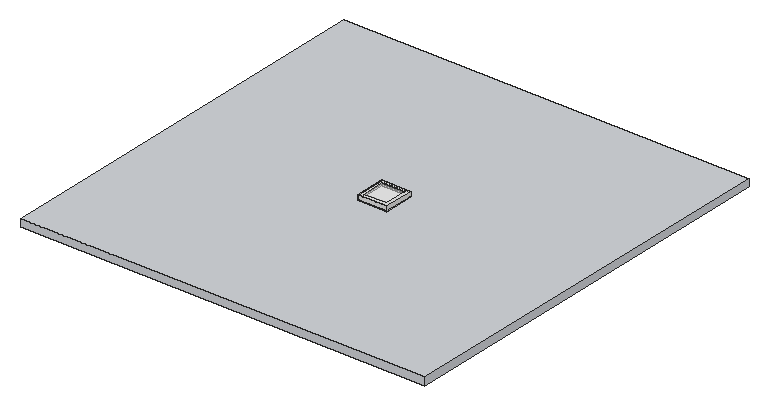
Revit family "P810019-030-30", category Lighting Fixtures, host Face, Revit 2014
Parameters (values of type "P810019-030-30")
  Watts = 15 W
  Wattage Comments = "15W"
  Wattage = 15 W
  Warranty = "1 year Warranty"  # constant formula
  built-in parameter 1150110 = 1 (stored number, unit not read)
  Voltage = 120 V
  URL = "https://www.hubbell.com/progresslighting/en"
  built-in parameter 1114217 = 1 (stored number, unit not read)
  Tilt Angle = 60.00°
  built-in parameter 1150109 = 1 (stored number, unit not read)
  built-in parameter 1150134 = 3
  built-in parameter 1150113 = 1 (stored number, unit not read)
  Product Link = "https://www.hubbell.com/progresslighting/en/Products/Lighting-Controls/Residential-Indoor-Lighting/New-Indoor-Products/Everlume-Collection-White-7-Edgelit-Square/p/4035371"
  Product Documentation Link = "https://hubbellcdn.com/specsheet/PROG_P810019-030-30_spec.pdf"
  Power Factor = 1
  Photometric Web File = "generic"
  built-in parameter 1150142 = (empty or 0)
  Model = "P810019-030-30"  # constant formula
  Manufacturer = "Progress Lighting"  # constant formula
  built-in parameter 1150105 = 119.37 (stored number, unit not read)
  Lumens = 1500 lm
  built-in parameter 1150115 = 1 (stored number, unit not read)
  Load Classification = Lighting
  built-in parameter 1150137 = (empty or 0)
  built-in parameter 1150139 = (empty or 0)
  built-in parameter 1150112 = 1 (stored number, unit not read)
  built-in parameter 1150114 = 1 (stored number, unit not read)
  built-in parameter 1150132 = (empty or 0)
  built-in parameter 1150102 = (empty or 0)
  built-in parameter 1150107 = 3200 (stored number, unit not read)
  built-in parameter 1150138 = (empty or 0)
  built-in parameter 1150106 = 1.1937 (stored number, unit not read)
  Glass = Hubbell - White Glass
  Lamp = "LED"  # constant formula
  Housing Material = Paint - Hubbell - White Texture
  Fixture distribution = "Direct"  # constant formula
  Features = "•\t7 inch square Everlume Edgelit surface mount with LED technology 3000K, 90 CRI, 1125 lumens (delivered)\r\n•\tSimple installation to steel mounting plate\r\n•\tFixture is adjustable after installation, allowing for easy alignment\r\n•\tIntegrated DC LED power supply capable of flicker-free dimming to 10% brightness with many Triac/Forward Phase and ELV reverse dimmers\r\n•\tCan be installed to 4 inch octagonal j-box, 4x1/2 inch round shallow j-box and 4 inch round PVC j-box\r\n•\tCan be mounted on ceiling or wall\r\n•\tSuitable for use in IC or Non-IC applications\r\n•\tMeets California Title 24 JA8-2019 and is Energy Star listed\r\n•\tSuitable for use in clothes closets when installed in accordance with the NEC 410.16 spacing requirements.\r\n•\tMaximum 25 luminaires on a circuit (without dimmer).\r\n•\t50,000 hour rated lifetime.\r\n\r\n"  # constant formula
  Emit from Rectangle Width = 6.75"
  Emit from Rectangle Length = 6.75"
  Emit Shape Visible in Rendering = no
  built-in parameter 1150104 = 9.2903 (stored number, unit not read)
  Dimming Lamp Color Temperature Shift = <None>
  Description = "Edgelit technology creates a large glare-free and evenly illuminated surface for a variety of applications for both residential and commercial settings. Offering a low-profile design, LED Flush Mount is available in three sizes: 7 inch, 11 inch, and 14 inch, in a White finish. The integrated driver does not recess into junction box, allowing for easy installation into 4 inch octagonal, 4 inch round PVC and 4-1/2 inch ceiling pan junction boxes. Wet location listed and offers a 50,000-hour LED life."  # constant formula
  Default Elevation = 48.00"
  Copyright = " ©2020 Progress Lighting, a division of Hubbell Lighting, Inc"  # constant formula
  Contact = "https://www.hubbell.com/progresslighting/en/contactUs"
  Connector Description = ""
  Color Filter = 16777215
  built-in parameter 1114218 = 1 (stored number, unit not read)
  built-in parameter 1150133 = 10 (stored number, unit not read)
  Assembly Code = "D5020200"
  Apparent Load = Watts / Power Factor  # 15 VA
Reference planes (in)
  plane 1 "Center (Front/Back)": y = 0
  plane 2: z = 0.5561
  plane 3 "Center (Left/Right)": x = 0
  plane 4: x = -3.5
  plane 5: x = 3.5
  plane 6: y = 3.5
  plane 7: y = -3.5
Forms (in)
  Extrusion 1, solid
    sketch origin (0, 0, 0) x (1, 0, 0) y (0, 1, 0)
      loop
        line (-48, 48) -> (-48, -48) -> (48, -48) -> (48, 48) -> (-48, 48)
    from 0.5561 to -1.25
  Sweep 2, solid, material "Paint - Hubbell - White Texture" <- "Housing Material"
    path origin (0, 0, 0) x (1, 0, 0) y (0, 1, 0)
      loop
        line (-3.5, 3.5) -> (-3.5, -3.5) -> (3.5, -3.5) -> (3.5, 3.5) -> (-3.5, 3.5)
    profile origin (0, 3.5, 0) x (0, 1, 0) y (0, 0, 1)
      loop
        line (0, 0.5561) -> (0, 1.6811) -> (-0.81066, 1.6811) -> (-0.81066, 1.62555) -> (-0.06066, 1.62555) -> (-0.06066, 0.5561) -> (0, 0.5561)
  Extrusion 3, solid, material "Hubbell - White Glass" <- "Glass"
    sketch origin (0, 0, 0) x (1, 0, 0) y (0, 1, 0)
      loop
        line (-3.43934, 3.43934) -> (-3.43934, -3.43934) -> (3.43934, -3.43934) -> (3.43934, 3.43934) -> (-3.43934, 3.43934)
    from 1.53 to 1.62555
  Extrusion 4, solid, material "Paint - Hubbell - White Texture" <- "Housing Material"
    sketch origin (0, 0, 0) x (1, 0, 0) y (0, 1, 0)
      loop
        line (-3.5, 3.5) -> (-3.5, -3.5) -> (3.5, -3.5) -> (3.5, 3.5) -> (-3.5, 3.5)
    from 0.5561 to 0.67962
Dimensions and locks (in)
  aligned and locked: plane 2 to Extrusion 1
Connectors (in)
  electrical at (0, 0, 0.5561), driven by "Voltage", driven by "Apparent Load", driven by "Power Factor", driven by "Connector Description"
    settings: on Sweep 2, index 1, voltage 120 V, apparent load 15 VA, apparent load phase1 0 VA, apparent load phase2 0 VA, apparent load phase3 0 VA, power factor 1, load classification "Other", number of poles 1, system type 30, power factor state 1, is connector primary yes, connector utility no, sub classification motor no, connector description ""
